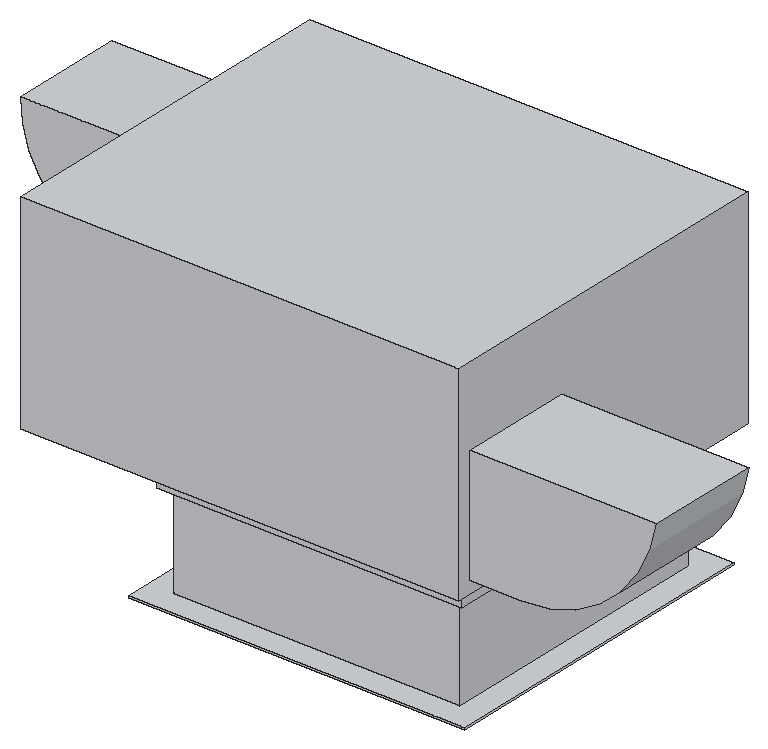
Revit family "LPD", category Mechanical Equipment, Revit 2019
Family settings
  Round Connector Dimension = Use Diameter
  Part Type = Normal
  Work Plane-Based = No
  Always vertical = Yes
  Cut with Voids When Loaded = No
  Shared = No
  Room Calculation Point = No
Parameters (values of type "135_LPD")
  Unit Weight [instance] = ""
  T_SQ/2 = T_SQ / 2  # 1' - 0"
  T_SQ = 2' - 0"
  Sones [instance] = ""
  RO/2 = RO / 2  # 0' - 9 3/4"
  RO = T_SQ - 0' 4 1/2"  # 1' - 7 1/2"
  Motor RPM [instance] = ""
  Motor Enclosure [instance] = ""
  ModelID [instance] = ""
  LwA [instance] = ""
  J = 0' - 1 9/16"
  I = 0' - 8 15/16"
  H = 0' - 2 7/32"
  G-.125" = G - 0' 0 1/8"  # 0' - 1 7/8"
  G = 0' - 2"
  Fan RPM [instance] = ""
  F/2 = F / 2  # 2' - 8 1/16"
  F = 5' - 4 1/8"
  E = 0' - 9 3/16"
  CURB_HEIGHT [instance] = 0' - 9 1/2"
  CURB [instance] = yes
  Accessories [instance] = ""
  -(D+1") = -(D + 0' 1")  # -0' - 10"
  D = 0' - 9"
  C/2 = C / 2  # 0' - 8 3/16"
  C+G = C + G  # 1' - 6 3/8"
  C = 1' - 4 3/8"
  B/2 = B / 2  # 1' - 5 1/4"
  B = 2' - 10 1/2"
  A/2 = A / 2  # 1' - 2 7/32"
  A = 2' - 4 7/16"
  3" = 0' - 3"  # constant formula
  Brake Hp [instance] = ""
  4" = 0' - 4"  # constant formula
  2' = 2' - 0"
  2" = 0' - 2"  # constant formula
  1" = 0' - 1"  # constant formula
  0 = 0' - 0"  # constant formula
  Voltage [instance] = 0 V
  URL = "www.lorencook.com"
  Type Comments = "Low Profile Centrifugal Exhaust Ventilator Roof Mounted/Direct Drive"  # constant formula
  Static Pressure [instance] = 0.00 in-wg
  Power [instance] = Voltage * Motor FLA * sqrt(if(Phase = 3, 3, 1))  # 0 VA
  Phase [instance] = 0
  Number of Poles [instance] = 1
  Motor Hp [instance] = "0"
  Motor FLA [instance] = 0 A
  Model = "LPD"  # constant formula
  Manufacturer = "Loren Cook Company"
  CFM [instance] = 0 CFM
  1.5 = 0' - 1 1/2"  # constant formula
  ONE EIGTH = 0' - 0 1/8"  # constant formula
  (F-B)/2 = (F - B) / 2  # 1' - 2 13/16"
Types (6): name | T_SQ/2 | T_SQ | RO/2 | RO | J | I | H | F/2 | F | E | -(D+1") | D | C/2 | C+G | C | B/2 | B | A/2 | A | (F-B)/2
  (no name) | 1' - 0" | 2' - 0" | 0' - 9 3/4" | 1' - 7 1/2" | 0' - 1 9/16" | 0' - 8 15/16" | 0' - 2 7/32" | 2' - 8 1/16" | 5' - 4 1/8" | 0' - 9 3/16" | -0' - 10" | 0' - 9" | 0' - 8 3/16" | 1' - 6 3/8" | 1' - 4 3/8" | 1' - 5 1/4" | 2' - 10 1/2" | 1' - 2 7/32" | 2' - 4 7/16" | 1' - 2 13/16"
  100_LPD | 0' - 10" | 1' - 8" | 0' - 7 3/4" | 1' - 3 1/2" | 0' - 1 9/32" | 0' - 8 19/32" | 0' - 1 1/32" | 2' - 2 3/32" | 4' - 4 3/16" | 0' - 6 25/32" | -0' - 7 11/16" | 0' - 6 11/16" | 0' - 6 15/16" | 1' - 3 7/8" | 1' - 1 7/8" | 1' - 2 15/16" | 2' - 5 7/8" | 0' - 11 1/32" | 1' - 10 1/16" | 0' - 11 5/32"
  120_LPD | 1' - 0" | 2' - 0" | 0' - 9 3/4" | 1' - 7 1/2" | 0' - 0 15/32" | 0' - 7 29/32" | 0' - 0 27/32" | 2' - 5 13/32" | 4' - 10 13/16" | 0' - 8 5/32" | -0' - 9" | 0' - 8" | 0' - 7 11/16" | 1' - 5 3/8" | 1' - 3 3/8" | 1' - 4 3/16" | 2' - 8 3/8" | 1' - 0 27/32" | 2' - 1 11/16" | 1' - 1 7/32"
  135_LPD | 1' - 0" | 2' - 0" | 0' - 9 3/4" | 1' - 7 1/2" | 0' - 1 9/16" | 0' - 8 15/16" | 0' - 2 7/32" | 2' - 8 1/16" | 5' - 4 1/8" | 0' - 9 3/16" | -0' - 10" | 0' - 9" | 0' - 8 3/16" | 1' - 6 3/8" | 1' - 4 3/8" | 1' - 5 1/4" | 2' - 10 1/2" | 1' - 2 7/32" | 2' - 4 7/16" | 1' - 2 13/16"
  150_LPD | 1' - 0" | 2' - 0" | 0' - 9 3/4" | 1' - 7 1/2" | 0' - 2 3/4" | 0' - 9 15/16" | 0' - 3 9/16" | 2' - 10 11/16" | 5' - 9 3/8" | 0' - 10 7/32" | -0' - 11" | 0' - 10" | 0' - 8 11/16" | 1' - 7 3/8" | 1' - 5 3/8" | 1' - 6 11/32" | 3' - 0 11/16" | 1' - 3 9/16" | 2' - 7 1/8" | 1' - 4 11/32"
  165_LPD | 1' - 0" | 2' - 0" | 0' - 9 3/4" | 1' - 7 1/2" | 0' - 4 1/16" | 0' - 10 15/16" | 0' - 4 29/32" | 3' - 1 11/32" | 6' - 2 11/16" | 0' - 11 7/32" | -1' - 0" | 0' - 11" | 0' - 9 3/16" | 1' - 8 3/8" | 1' - 6 3/8" | 1' - 7 1/2" | 3' - 3" | 1' - 4 29/32" | 2' - 9 13/16" | 1' - 5 27/32"
Reference planes (in)
  plane 1 "Center (Front/Back)": y = 0
  plane 2: z = 0
  plane 3 "Center (Left/Right)": x = 0.40541
Forms (in)
  Extrusion 1, solid
    sketch origin (0, 0, 0) x (1, 0, 0) y (0, 1, 0)
      loop
        line (12.40541, 12) -> (-11.59459, 12) -> (-11.59459, -12) -> (12.40541, -12) -> (12.40541, 12)
    from 0 to 2 <- "G"
  Extrusion 2, void
    sketch origin (0, 0, 0) x (1, 0, 0) y (0, 1, 0)
      loop
        line (-11.46959, 11.875) -> (-11.46959, -11.875) -> (12.28041, -11.875) -> (12.28041, 11.875) -> (-11.46959, 11.875)
    from 0 to 1.875 <- "G-.125""
  Extrusion 3, solid
    sketch origin (0, 0, 0) x (1, 0, 0) y (0, 1, 0)
      loop
        line (13.96791, 14.21875) -> (-20.53209, 14.21875) -> (-20.53209, -14.21875) -> (13.96791, -14.21875) -> (13.96791, 14.21875)
    from 2 <- "G" to 18.375 <- "C+G"
  Extrusion 4, solid
    sketch origin (13.96791, 14.21875, 0) x (-1, 0, 0) y (0, 0, 1)
      loop
        line (34.5, 12.1875) -> (34.5, 3) -> (40.125, 3)
        arc (40.125, 3) -> (46.62154, 5.69096) -> (49.3125, 12.1875) r 9.1875
        line (49.3125, 12.1875) -> (34.5, 12.1875)
    from -1 to -10 <- "-(D+1")"
  Extrusion 5, solid
    sketch origin (-20.53209, -14.21875, 0) x (1, 0, 0) y (0, 0, 1)
      loop
        line (34.5, 12.1875) -> (34.5, 3) -> (38.65799, 3)
        arc (38.65799, 3) -> (45.69235, 5.61407) -> (49.3125, 12.1875) r 10.77163
        line (49.3125, 12.1875) -> (34.5, 12.1875)
    from -1 to -10 <- "-(D+1")"
  Extrusion 6, solid, visible <- "CURB"
    sketch origin (0, 0, 1.875) x (0, 1, 0) y (1, 0, 0)
      loop
        line (9.75, -9.34459) -> (9.75, 10.15541) -> (-9.75, 10.15541) -> (-9.75, -9.34459) -> (9.75, -9.34459)
      loop
        line (-11.25, 11.65541) -> (-11.25, -10.84459) -> (11.25, -10.84459) -> (11.25, 11.65541) -> (-11.25, 11.65541)
    from 0 to 9.5 <- "CURB_HEIGHT"
  Extrusion 7, solid, visible <- "CURB"
    sketch origin (0, 0, -7.625) x (-1, 0, 0) y (0, 1, 0)
      loop
        line (10.84459, -11.25) -> (10.84459, 11.25) -> (-11.65541, 11.25) -> (-11.65541, -11.25) -> (10.84459, -11.25)
      loop
        line (-13.65541, 13.25) -> (-13.65541, -13.25) -> (12.84459, -13.25) -> (12.84459, 13.25) -> (-13.65541, 13.25)
    from 0 to -0.125
Cuts and joins
  Extrusion 2 cuts Extrusion 1
Dimensions and locks (in)
  "T_SQ/2": Extrusion 1 sketch curve to plane 3 "Center (Left/Right)"
  "T_SQ/2": plane 3 "Center (Left/Right)" to Extrusion 1 sketch curve
  "T_SQ/2": Extrusion 1 sketch curve to plane 1 "Center (Front/Back)"  (x2)
  "ONE EIGTH": Extrusion 1 to Extrusion 2 sketch curve  (x2)
  "ONE EIGTH": Extrusion 2 sketch curve to Extrusion 1  (x2)
  "J": cut or joined group of Extrusion 1, Extrusion 2 to Extrusion 3 sketch curve
  "I": Extrusion 3 sketch curve to cut or joined group of Extrusion 1, Extrusion 2
  "H": Extrusion 3 sketch curve to cut or joined group of Extrusion 1, Extrusion 2  (x2)
  "1"": Extrusion 3 to Extrusion 4 sketch curve
  "E": Extrusion 4 sketch curve to Extrusion 4 sketch curve
  "(F-B)/2": Extrusion 4 sketch curve to Extrusion 3
  "0": Extrusion 4 sketch curve to Extrusion 3
  "0": Extrusion 5 sketch curve to Extrusion 3
  "(F-B)/2": Extrusion 5 sketch curve to Extrusion 3
  "0": Extrusion 5 sketch curve to Extrusion 4  (x2)
  "RO/2": Extrusion 6 sketch curve to plane 3 "Center (Left/Right)"
  "RO/2": plane 3 "Center (Left/Right)" to Extrusion 6 sketch curve
  "RO/2": plane 1 "Center (Front/Back)" to Extrusion 6 sketch curve  (x2)
  "1.5": Extrusion 6 sketch curve to Extrusion 6 sketch curve  (x4)
  "0": Extrusion 7 sketch curve to Extrusion 6  (x3)
  "0": Extrusion 6 to Extrusion 7 sketch curve
  "2"": Extrusion 7 sketch curve to Extrusion 6  (x3)
  "2"": Extrusion 6 to Extrusion 7 sketch curve
Automatic sketch dimensions
  Extrusion 5 sketch curve to Extrusion 5 sketch curve = 0' - 4.15799"
Connectors (in)
  hvac at (0.40541, 0, 2), driven by "RO", driven by "RO", driven by "CFM"
    settings: on cut or joined group of Extrusion 1, Extrusion 2, index 1, duct flow 0 CFM, flow factor 0, pres drop 0.00 in-wg, loss coef 0, conn angle 0.00°, conn width 19 1/2", conn height 19 1/2", conn diameter 24", duct sys type 3, conn prof type 1, flow config 0, flow direction 1, loss method 0, conn ref index -1, conn util no, is conn primary yes, conn desc ""
  electrical at (-3.28209, 0, 2)
    settings: on Extrusion 3, index 2, voltage 0 V, apparent load 0 VA, apparent load phase1 0 VA, apparent load phase2 0 VA, apparent load phase3 0 VA, power factor 1, load classification "Other", number of poles 1, system type 30, power factor state 1, is connector primary yes, connector utility no, sub classification motor no, connector description ""
